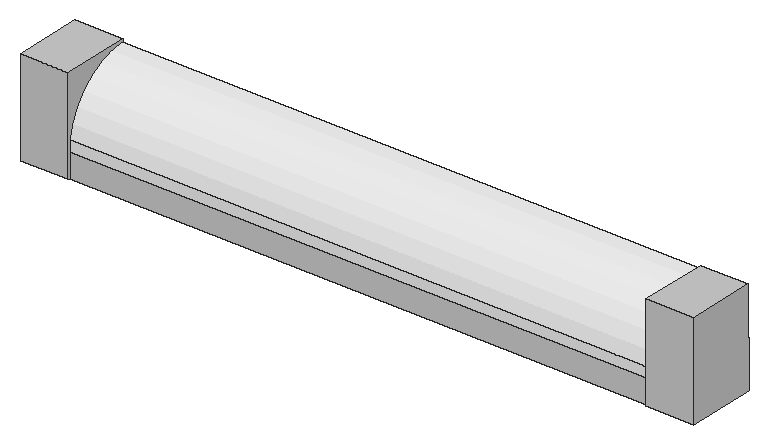
Revit family "2-5137-24 Balance_2x3 JBOX", category Lighting Fixtures, Revit 2014
Parameters
  Wattage = 6.18007 W
  built-in parameter 1150110 = 1 (stored number, unit not read)
  URL = "http://www.oxygenlighting.com"
  Type Comments = "Lighting"
  built-in parameter 1114217 = 1 (stored number, unit not read)
  Tilt Angle = 180.00°
  built-in parameter 1150109 = 1 (stored number, unit not read)
  built-in parameter 1150134 = (empty or 0)
  built-in parameter 1150113 = 1 (stored number, unit not read)
  Product Documentation Link = "http://oxygenlighting.com.s3.amazonaws.com/downloads/cutsheets/2-5137-24.pdf"
  Photometric Web File = "2-5137-24 Balance 24 ITL77178.IES"
  Optional Backplate = yes
  Model = "2-5137-24"
  Metal Finish = Satin Nickel
  Manufacturer = "Oxygen Lighting"
  Lumens = 918 lm
  built-in parameter 1150115 = 1 (stored number, unit not read)
  built-in parameter 1150105 = 73.052 (stored number, unit not read)
  built-in parameter 1150137 = (empty or 0)
  built-in parameter 1150139 = (empty or 0)
  built-in parameter 1150112 = 1 (stored number, unit not read)
  Lamp Manufacturer = "Sylvania"
  built-in parameter 1150114 = 1 (stored number, unit not read)
  Lamp = "1x24W T-5 Linear Fluorescent"
  Junction Box = "2\"x 3\" or 4\" Octogonal with accessory backplate"
  Input Voltage (VAC) = "120.0"
  Power Factor = "0.99"
  Input Power (Watts) = "25.80"
  Input Current (Amps AC) = ""
  built-in parameter 1150132 = 2
  built-in parameter 1150102 = (empty or 0)
  built-in parameter 1150138 = (empty or 0)
  built-in parameter 1150107 = 3000 (stored number, unit not read)
  built-in parameter 1150106 = 0.73052 (stored number, unit not read)
  Fixture Length = 2' - 0 5/8"
  Fixture Height = 0' - 2 1/2"
  Fixture Depth = 0' - 3 1/2"
  Emit from Rectangle Width = 2' - 0"
  Emit from Rectangle Length = 4' - 0"
  Emit Shape Visible in Rendering = no
  Efficacy (lm/W) = ""
  built-in parameter 1150104 = 13.8 (stored number, unit not read)
  Dimming Lamp Color Temperature Shift = <None>
  Diffuser = Acrylic - Matte White
  Description = "24\" Vanity - 1x T-5 linear fluorescent"
  Default Elevation = 4' - 0"
  Color Filter = 16777215
  Ballast Manufacturer = "ANTRON"
  built-in parameter 1114218 = 1 (stored number, unit not read)
  built-in parameter 1150133 = 10 (stored number, unit not read)
  Apparent Load = 25.8 VA
  ADA Compliant = yes
Reference planes (in)
  plane 1 "Light Source Axis (F/B)": y = 0
  plane 2: z = 0
  plane 3 "Light Source Axis (L/R)": x = 0
  plane 4 "Light Source Elevation": z = 5
  plane 5: y = 2.25
  plane 6: y = -2.25
  plane 7: y = 1.25
  plane 8: y = -1.25
  plane 9: x = -13.375
  plane 10: x = 13.375
  plane 11: x = -12.3125
  plane 12: x = 12.3125
  plane 13: z = 3.5
Forms (in)
  Extrusion 1, solid, material "Acrylic - Matte White" <- "Diffuser"
    sketch origin (0, 0, 0) x (0, -1, 0) y (0, 0, 1)
      loop
        arc (1.19, 1.25) -> (0.389, 2.76687) -> (-1.19, 3.43712) r 2.55912
        line (-1.19, 3.43712) -> (-1.19, 1.315) -> (-1.05479, 1.315) -> (-1.05479, 3.24924)
        arc (-1.05479, 3.24924) -> (0.44459, 2.46052) -> (1.0415, 0.875) r 2.38412
        line (1.0415, 0.875) -> (1.19, 0.875) -> (1.19, 1.25)
    from -10.5625 to 10.5625
  Extrusion 2, solid, material "Satin Nickel" <- "Metal Finish"
    sketch origin (0, 0, -0.5) x (0, -1, 0) y (0, 0, 1)
      loop
        line (-1.25, 4) -> (-1.25, 0.5) -> (1.25, 0.5) -> (1.25, 4) -> (-1.25, 4)
    from 10.5625 to 12.3125
  Extrusion 3, solid, material "Satin Nickel" <- "Metal Finish"
    sketch origin (0, 0, -0.5) x (0, -1, 0) y (0, 0, -1)
      loop
        line (-1.25, -4) -> (1.25, -4) -> (1.25, -0.5) -> (-1.25, -0.5) -> (-1.25, -4)
    from 10.5625 to 12.3125
  Extrusion 4, solid, material "Satin Nickel" <- "Metal Finish"
    sketch origin (0, 0, -0.5) x (0, -1, 0) y (0, 0, 1)
      loop
        line (-1.05479, 1.815) -> (-1.19, 1.815) -> (-1.19, 0.5) -> (-1.05479, 0.5) -> (-1.05479, 1.815)
      loop
        line (1.19, 1.375) -> (1.04375, 1.375) -> (1.04375, 0.5) -> (1.19, 0.5) -> (1.19, 1.375)
    from -12.3125 to 12.3125
  Extrusion 5, solid, material "Satin Nickel" <- "Metal Finish"
    sketch origin (0, 0, 0) x (-1, 0, 0) y (0, 0, 1)
      loop
        line (-10.5625, 0) -> (10.5625, 0) -> (10.5625, 0.4375) -> (-10.5625, 0.4375) -> (-10.5625, 0)
    from -1.19 to 1.19
  Extrusion 6, solid, material "Acrylic - Matte White" <- "Diffuser", not visible
    sketch origin (0, 0, 0) x (0, -1, 0) y (0, 0, 1)
      loop
        arc (1.19, 1.25) -> (0.389, 2.76687) -> (-1.19, 3.43712) r 2.55912
        line (-1.19, 3.43712) -> (-1.19, 1.315) -> (-1.05479, 1.315) -> (-1.05479, 3.24924)
        arc (-1.05479, 3.24924) -> (0.44459, 2.46052) -> (1.0415, 0.875) r 2.38412
        line (1.0415, 0.875) -> (1.19, 0.875) -> (1.19, 1.25)
    from -10.5625 to 10.5625
  Extrusion 7, solid, material "Satin Nickel" <- "Metal Finish", not visible
    sketch origin (0, 0, -0.5) x (0, -1, 0) y (0, 0, 1)
      loop
        line (-1.25, 4) -> (-1.25, 0.5) -> (1.25, 0.5) -> (1.25, 4) -> (-1.25, 4)
    from 10.5625 to 12.3125
  Extrusion 8, solid, material "Satin Nickel" <- "Metal Finish", not visible
    sketch origin (0, 0, -0.5) x (0, -1, 0) y (0, 0, -1)
      loop
        line (-1.25, -4) -> (1.25, -4) -> (1.25, -0.5) -> (-1.25, -0.5) -> (-1.25, -4)
    from 10.5625 to 12.3125
  Extrusion 9, solid, material "Satin Nickel" <- "Metal Finish", not visible
    sketch origin (0, 0, -0.5) x (0, -1, 0) y (0, 0, 1)
      loop
        line (-1.05479, 1.815) -> (-1.19, 1.815) -> (-1.19, 0.5) -> (-1.05479, 0.5) -> (-1.05479, 1.815)
      loop
        line (1.19, 1.375) -> (1.04375, 1.375) -> (1.04375, 0.5) -> (1.19, 0.5) -> (1.19, 1.375)
    from -12.3125 to 12.3125
  Extrusion 10, solid, material "Satin Nickel" <- "Metal Finish", not visible
    sketch origin (0, 0, 0) x (-1, 0, 0) y (0, 0, 1)
      loop
        line (-10.5625, 0) -> (10.5625, 0) -> (10.5625, 0.4375) -> (-10.5625, 0.4375) -> (-10.5625, 0)
    from -1.19 to 1.19
Cuts and joins
  joined: Extrusion 2, Extrusion 3, Extrusion 4, Extrusion 5
Dimensions and locks (in)
  "Fixture Height": plane 7 to plane 8
  equal spacing: plane 7, plane 1 "Light Source Axis (F/B)", plane 8, locked at 1.25 each
  "Fixture Length": plane 11 to plane 12
  equal spacing: plane 11, plane 3 "Light Source Axis (L/R)", plane 12, locked at 12.3125 each
  "Fixture Depth": plane 13 to level
  aligned and locked: plane 3 "Light Source Axis (L/R)" to imposter light
  aligned and locked: plane 1 "Light Source Axis (F/B)" to imposter light
  aligned and locked: plane 4 "Light Source Elevation" to imposter light
  aligned and locked: level to plane 2
  aligned and locked: Extrusion 5 to Extrusion 1  (x2)
Automatic sketch dimensions
  Extrusion 1 sketch curve to Extrusion 1 sketch curve = 0' - 0"  (x4)
  Extrusion 1 sketch curve to Extrusion 1 sketch curve = 0' - 0 3/8"
  Extrusion 1 sketch curve to Extrusion 1 sketch curve = 0' - 0.43244"
  Extrusion 4 sketch curve to Extrusion 4 sketch curve = 0' - 0.13521"
  Extrusion 1 sketch curve to Extrusion 1 sketch curve = 0' - 0.1526"
  Extrusion 1 sketch curve to Extrusion 1 sketch curve = 0' - 0.13521"
  Extrusion 1 sketch curve to Extrusion 1 sketch curve = 0' - 2.0963"
  Extrusion 1 sketch curve to Extrusion 1 sketch curve = 0' - 0.1485"
  Extrusion 1 sketch curve to Extrusion 1 sketch curve = 0' - 0.00756"
  Extrusion 2 sketch curve to Extrusion 2 sketch curve = 0' - 2 1/2"
  Extrusion 2 sketch curve to Extrusion 2 sketch curve = 0' - 3 1/2"
  Extrusion 3 sketch curve to Extrusion 3 sketch curve = 0' - 2 1/2"
  Extrusion 3 sketch curve to Extrusion 3 sketch curve = 0' - 3 1/2"
  Extrusion 4 sketch curve to Extrusion 4 sketch curve = 0' - 2.09854"
  Extrusion 4 sketch curve to Extrusion 4 sketch curve = 0' - 0.14625"
  Extrusion 4 sketch curve to Extrusion 4 sketch curve = 0' - 0"
  Extrusion 4 sketch curve to Extrusion 4 sketch curve = 0' - 0 7/8"
  Extrusion 4 sketch curve to Extrusion 4 sketch curve = 0' - 1.315"
  Extrusion 5 sketch curve to Extrusion 5 sketch curve = 1' - 9 1/8"
  Extrusion 5 sketch curve to Extrusion 5 sketch curve = 0' - 0 7/16"
  Extrusion 6 sketch curve to Extrusion 6 sketch curve = 0' - 0"  (x4)
  Extrusion 6 sketch curve to Extrusion 6 sketch curve = 0' - 0 3/8"
  Extrusion 6 sketch curve to Extrusion 6 sketch curve = 0' - 0.43244"
  Extrusion 9 sketch curve to Extrusion 9 sketch curve = 0' - 0.13521"
  Extrusion 6 sketch curve to Extrusion 6 sketch curve = 0' - 0.1526"
  Extrusion 6 sketch curve to Extrusion 6 sketch curve = 0' - 0.13521"
  Extrusion 6 sketch curve to Extrusion 6 sketch curve = 0' - 2.0963"
  Extrusion 6 sketch curve to Extrusion 6 sketch curve = 0' - 0.1485"
  Extrusion 6 sketch curve to Extrusion 6 sketch curve = 0' - 0.00756"
  Extrusion 7 sketch curve to Extrusion 7 sketch curve = 0' - 2 1/2"
  Extrusion 7 sketch curve to Extrusion 7 sketch curve = 0' - 3 1/2"
  Extrusion 8 sketch curve to Extrusion 8 sketch curve = 0' - 2 1/2"
  Extrusion 8 sketch curve to Extrusion 8 sketch curve = 0' - 3 1/2"
  Extrusion 9 sketch curve to Extrusion 9 sketch curve = 0' - 2.09854"
  Extrusion 9 sketch curve to Extrusion 9 sketch curve = 0' - 0.14625"
  Extrusion 9 sketch curve to Extrusion 9 sketch curve = 0' - 0"
  Extrusion 9 sketch curve to Extrusion 9 sketch curve = 0' - 0 7/8"
  Extrusion 9 sketch curve to Extrusion 9 sketch curve = 0' - 1.315"
  Extrusion 10 sketch curve to Extrusion 10 sketch curve = 1' - 9 1/8"
  Extrusion 10 sketch curve to Extrusion 10 sketch curve = 0' - 0 7/16"
